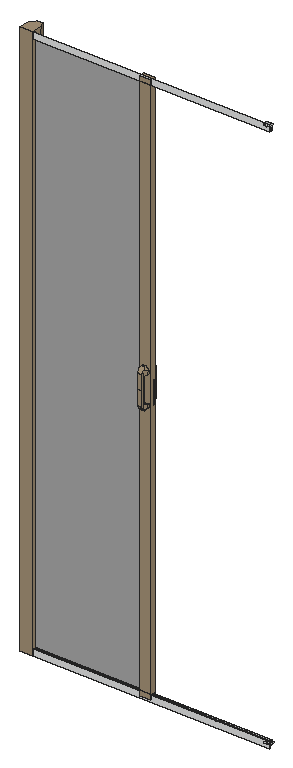
Revit family "Screen_Door_LegacySeries_PhantomScreen", category Doors, host Wall, Revit 2014
Parameters (values of type "Type as Specified")
  URL = "http://www.phantomscreens.com/"
  Track Height = 0' - 0.931"
  Track Depth = 0' - 0.511"
  Specification = "http://www.phantomscreens.com/architects-designers/specifications-binder/"
  Slide Bar Width = 0' - 1.732"
  Slide Bar Depth = 0' - 0.866"
  Slide Bar = Dark Knotty Pine
  Sill Height = 0' - 1"
  Sill Depth = 0' - 1.54384"
  Sill [instance] = no
  Screen Thickness = 0' - 0 1/32"
  Screen = Phifer 20/20 Insect Mesh – Gray
  Sales Information = "http://www.phantomscreens.com/support/"
  Revision = "R1_08-2016"
  Product Properties = "http://www.phantomscreens.com/drive/uploads/2015/03/Legacy-Door-Design-Spec-Assembled-View.pdf"
  Product Data = "http://www.arcat.com/arcatcos/cos9540/arc40535.html"
  Percent Open [instance] = 50
  Model = "Legacy Series"
  Manufacturer Website = "http://www.phantomscreens.com/"
  Manufacturer Phone - Toll Free = ""
  Manufacturer Phone = "604-855-3654"
  Manufacturer Fax = "604-855-7834"
  Manufacturer Address = "30451 Simpson Rd.; Abbotsford; BC; Canada V2T 6C7"
  Manufacturer = "Phantom Screens"
  Keynote = "08 11 00"
  Installation-Fabrication = "http://www.phantomscreens.com/architects-designers/options/"
  Housing Width = 0' - 1 7/8"
  Housing Depth = 0' - 2 49/64"
  Handle Width = 0' - 1.266"
  Handle Height = 0' - 6.031"
  Handle Depth = 0' - 0 109/128"
  Function = Interior
  Height [instance] = 7' - 0"
  Wall Closure = By host
  Width [instance] = 3' - 0"
  Drawn By = "Sumex Design - Robert S Weygant"
  Door Opening [instance] = Width * (Percent Open / 100)  # 1' - 6"
  Description = "Phantom Screens Legacy Series Screen"
  Copyright = "� 2016 ARCAT Inc."
  Construction Details = "http://www.arcat.com/details/phantoms/95prod3445.html"
  Assembly Code = "B2020400"
  Aluminum Track = Aluminum - Flat
  Aluminum Housing = Dark Knotty Pine
Reference planes (in)
  plane 1 "Center (Front/Back)": y = 0
  plane 2 "Center (Left/Right)": x = -7.25
  plane 3 "Top": z = 84
  plane 4 "Exterior": y = 2.96884
  plane 5 "Interior": y = -3.03116
  plane 6: x = -27.125
  plane 7: z = 84.931
  plane 8: z = 0.931
  plane 9: y = 3.47984
  plane 10: y = 3.83484
  plane 11: y = 3.44859
  plane 12: x = -8.982
  plane 13 "Track Bar": x = -7.25
  plane 14: x = -25.25
  plane 15: y = 3.41734
  plane 16: y = 4.71756
  plane 17: x = 10.75
  plane 18: z = 1
  plane 19: y = 3.29405
  plane 20: y = 1.425
  plane 21: z = 42.5
  plane 22: z = 45.5155
  plane 23: z = 39.4845
  plane 24 "Handle Placement": x = -8.24596
  plane 25: x = 9.96875
  plane 26: y = 3.55502
  plane 27: y = 2.96884
  plane 28: y = 3.375
  plane 29: y = 5.48446
Forms (in)
  Extrusion 1, solid, material "Dark Knotty Pine" <- "Aluminum Housing"
    sketch origin (0, 0, 0) x (1, 0, 0) y (0, 1, 0)
      loop
        line (-27.125, 2.96884) -> (-25.25, 2.96884) -> (-25.25, 4.6231) -> (-25.74731, 5.48446) -> (-26.1875, 5.48446) -> (-26.66701, 5.48446) -> (-27.125, 4.6231) -> (-27.125, 2.96884)
    from 0 to 84.931
  Extrusion 2, solid, material "Dark Knotty Pine" <- "Slide Bar"
    sketch origin (0, 0, 0) x (1, 0, 0) y (0, 1, 0)
      loop
        line (-8.982, 3.83484) -> (-8.982, 2.96884) -> (-7.25, 2.96884) -> (-7.25, 3.64791) -> (-7.47277, 3.83484) -> (-8.982, 3.83484)
    from 1 to 84
  Extrusion 3, solid, material "Phifer 20/20 Insect Mesh – Gray" <- "Screen"
    sketch origin (0, 0, 0) x (1, 0, 0) y (0, 1, 0)
      loop
        line (-25.25, 3.44859) -> (-25.25, 3.41734) -> (-8.982, 3.41734) -> (-8.982, 3.44859) -> (-25.25, 3.44859)
    from 0.931 to 84
  Extrusion 4, solid, material "Aluminum - Flat" <- "Aluminum Track", visible <- "Sill"
    sketch origin (-7.25, 0, 0) x (0, 1, 0) y (0, 0, 1)
      loop
        line (1.44844, 1) -> (1.44844, 0.931) -> (2.91584, 0.86535) -> (2.91584, 0) -> (3.44078, 0) -> (3.44078, 0.08471) -> (2.99228, 0.08471) -> (2.99228, 0.931) -> (1.44844, 1)
    from -18 to 18
  Extrusion 5, solid, material "Aluminum - Flat"
    sketch origin (-7.25, 0, 0) x (0, 1, 0) y (0, 0, 1)
      loop
        line (3.47984, 84) -> (3.47984, 84.6095) -> (3.09384, 84.6095) -> (3.09384, 84.931) -> (2.96884, 84.931) -> (2.96884, 84) -> (3.09384, 84) -> (3.09384, 84.488) -> (3.35484, 84.488) -> (3.35484, 84) -> (3.47984, 84)
    from -18 to 18
  Extrusion 6, solid, material "Aluminum - Flat"
    sketch origin (-7.25, 0, 0) x (0, 1, 0) y (0, 0, 1)
      loop
        line (3.47984, 0.931) -> (3.35484, 0.931) -> (3.35484, 0.4365) -> (3.09384, 0.4365) -> (3.09384, 0.931) -> (2.96884, 0.931) -> (2.96884, 0) -> (3.09384, 0) -> (3.09384, 0.315) -> (3.47984, 0.315) -> (3.47984, 0.931)
    from -18 to 18
Text (in)
  text "Exterior" at (-62.02911, 27.31104, 0), in view "Ref. Level"
  text "Interior" at (-62.02911, -25.14366, 0), in view "Ref. Level"
  text "Exterior" at (0, 40.15149, 123.01588), in view "Right"
  text "Interior" at (0, -64.39139, 123.01588), in view "Right"
  text "Interior" at (0, -31.01599, 123.00693), in view "Left"
  text "Exterior" at (0, 54.57065, 123.00693), in view "Left"
Dimensions and locks (in)
  "Height": level to plane 3 "Top"
  "Track Height": plane 3 "Top" to plane 7
  "Track Height": level to plane 8
  "Track Depth": plane 9 to plane 4 "Exterior"
  "Slide Bar Depth": plane 10 to plane 4 "Exterior"
  "Screen Thickness": plane 9 to plane 11
  "Slide Bar Width": plane 12 to plane 13 "Track Bar"
  equal spacing: plane 14, plane 2 "Center (Left/Right)", plane 17
  "Screen Thickness": plane 15 to plane 11
  "Width": plane 14 to plane 17
  "Housing Width": plane 6 to plane 14
  "Door Opening": plane 13 "Track Bar" to plane 17
  "Sill Height": level to plane 18
  "Sill Depth": plane 4 "Exterior" to plane 20
  equal spacing: plane 22, plane 21, plane 23
  "Handle Height": plane 23 to plane 22
  locked: plane 13 "Track Bar" to plane 24 "Handle Placement" at 0.99596
  locked: plane 26 to plane 19 at 0.26097
  locked: plane 29 to host wall at 5.51563
  aligned and locked: plane 4 "Exterior" to host wall
  aligned and locked: plane 5 "Interior" to host wall
  aligned and locked: plane 6 to Extrusion 1 sketch curve
  aligned and locked: Extrusion 1 to level
  aligned and locked: Extrusion 1 to plane 7
  aligned and locked: plane 7 to Extrusion 1
  aligned and locked: plane 10 to Extrusion 2 sketch curve
  aligned and locked: plane 12 to Extrusion 2 sketch curve
  aligned and locked: Extrusion 2 sketch curve to plane 4 "Exterior"
  aligned and locked: Extrusion 2 sketch curve to plane 13 "Track Bar"
  aligned and locked: Extrusion 2 to plane 3 "Top"
  aligned and locked: plane 11 to Extrusion 3 sketch curve
  aligned and locked: Extrusion 3 sketch curve to plane 14
  aligned and locked: plane 15 to Extrusion 3 sketch curve
  aligned and locked: Extrusion 3 sketch curve to plane 12
  aligned and locked: Extrusion 3 to plane 3 "Top"
  aligned and locked: Extrusion 1 sketch curve to plane 4 "Exterior"
  aligned and locked: plane 18 to Extrusion 2
  aligned and locked: plane 24 "Handle Placement" to nested 1
  aligned and locked: Extrusion 2 to plane 10
  aligned and locked: nested 2 to plane 24 "Handle Placement"
  aligned and locked: nested 2 to Extrusion 2
  aligned and locked: nested 1 to plane 22
  aligned and locked: nested 2 to plane 23
  aligned and locked: plane 10 to nested 1
  aligned and locked: plane 3 "Top" to Extrusion 5 sketch curve
  aligned and locked: Extrusion 5 sketch curve to plane 7
  aligned and locked: plane 8 to Extrusion 6 sketch curve  (x2)
  aligned and locked: Extrusion 6 sketch curve to Extrusion 1
  aligned and locked: Extrusion 6 to plane 17
  aligned and locked: Extrusion 5 to plane 17
  aligned and locked: plane 14 to Extrusion 5
  aligned and locked: plane 14 to Extrusion 6
  aligned and locked: Extrusion 4 to plane 17
  aligned and locked: plane 14 to Extrusion 4
  aligned and locked: plane 27 to host wall
  aligned and locked: plane 4 "Exterior" to nested 4
  aligned and locked: nested 4 to Extrusion 6
  aligned and locked: nested 5 to plane 12
  aligned and locked: nested 5 to plane 13 "Track Bar"
  aligned and locked: plane 3 "Top" to nested 5
  aligned and locked: Extrusion 2 to plane 12
  aligned and locked: plane 13 "Track Bar" to Extrusion 2
  aligned and locked: nested 6 to Extrusion 2
  aligned and locked: nested 6 to plane 12
  aligned and locked: nested 6 to plane 10
  aligned and locked: plane 4 "Exterior" to nested 6
  aligned and locked: nested 5 to plane 10
  aligned and locked: plane 4 "Exterior" to nested 5
  aligned and locked: plane 4 "Exterior" to nested 3
  aligned and locked: plane 29 to Extrusion 1  (x2)
Automatic sketch dimensions
  Extrusion 2 sketch curve to plane 9 = 0' - 0.16807"
  Extrusion 2 sketch curve to Extrusion 2 sketch curve = 0' - 0.22277"
  plane 8 to Extrusion 4 sketch curve = 0' - 0"  (x2)
  plane 18 to Extrusion 4 sketch curve = 0' - 0"
  Extrusion 4 sketch curve to level = 0' - 0"
  plane 20 to Extrusion 4 sketch curve = 0' - 0 3/128"
  Extrusion 4 sketch curve to host wall = 0' - 0.053"
  host wall to Extrusion 4 sketch curve = 0' - 0 3/128"
  plane 11 to Extrusion 4 sketch curve = 0' - 0 1/128"
  level to Extrusion 4 sketch curve = 0' - 0.08471"
  plane 8 to Extrusion 4 sketch curve = 0' - 0.06565"
  Extrusion 5 sketch curve to Extrusion 5 sketch curve = 0' - 0 1/8"
  Extrusion 5 sketch curve to Extrusion 5 sketch curve = 0' - 0.1215"
  Extrusion 5 sketch curve to Extrusion 5 sketch curve = 0' - 0.3215"
  Extrusion 5 sketch curve to plane 9 = 0' - 0"
  Extrusion 5 sketch curve to plane 15 = 0' - 0 1/16"
  Extrusion 5 sketch curve to host wall = 0' - 0"
  Extrusion 5 sketch curve to Extrusion 5 sketch curve = 0' - 0"
  Extrusion 6 sketch curve to host wall = 0' - 0"
  Extrusion 6 sketch curve to plane 9 = 0' - 0"
  host wall to Extrusion 6 sketch curve = 0' - 0 1/8"
  Extrusion 6 sketch curve to Extrusion 6 sketch curve = 0' - 0"
  Extrusion 6 sketch curve to plane 15 = 0' - 0 1/16"
  level to Extrusion 6 sketch curve = 0' - 0.315"
  Extrusion 6 sketch curve to Extrusion 6 sketch curve = 0' - 0.1215"
  plane 3 "Top" to Extrusion 5 sketch curve = 0' - 0"
  Extrusion 1 sketch curve to plane 14 = 0' - 0"
  plane 6 to Extrusion 1 sketch curve = 0' - 0 15/16"
  plane 16 to Extrusion 1 sketch curve = 0' - 0.09446"  (x2)
  plane 6 to Extrusion 1 sketch curve = 0' - 0.45799"
  Extrusion 1 sketch curve to Extrusion 1 sketch curve = 0' - 0.44019"
  Extrusion 1 sketch curve to plane 29 = 0' - 0"
Nested families (in)
  nested 1: "Family4" at (-8.24596, 4.26062, 42.5) x (-1, 0, 0) z (0, 0, 1), type "Family4"
    with Width 0' - 1.266", Height 0' - 6.031", Depth 0' - 0 109/128"
  nested 2: "Family4" at (-8.24596, 2.54306, 42.5), type "Family4"
    with Width 0' - 1.266", Height 0' - 6.031", Depth 0' - 0 109/128"
  nested 3: "Track Latch Family" at (10.35937, 3.34384, 84.55481) x (-1, 0, 0) z (0, 0, 1), type "Track Latch Family"
  nested 4: "Lower Track Latch" at (10.35937, 3.33538, 0.4365) x (-1, 0, 0) z (0, 0, 1), type "Lower Track Latch"
  nested 5: "End Caps" at (-8.21484, 3.14023, 84), type "End Caps"
  nested 6: "End Caps" at (-8.21484, 3.14023, 0.25), type "End Caps"
Definition of nested family "Family4"
  Parameters (values of type "Family4")
    Width = 0' - 1 1/2"
    Height = 0' - 6 1/32"
    Handle = none
    Depth = 0' - 1"
  Reference planes (in)
    plane 1 "Center (Front/Back)": y = 0
    plane 2: z = 0
    plane 3 "Center (Left/Right)": x = 0
    plane 4: y = 0.5
    plane 5: x = 0.75
    plane 6: y = -0.5
    plane 7: x = -0.75
    plane 8: z = 3.01562
    plane 9: z = -3.01563
  Forms (in)
    Extrusion 1, solid, material <- "Handle"
      sketch origin (0, 0, 0) x (0, 1, 0) y (0, 0, 1)
        loop
          line (0.5, 3.01562) -> (0.25, 3.01562) -> (-0.5, 2.26562) -> (-0.5, 0) -> (-0.5, -2.26563) -> (0.25, -3.01563) -> (0.5, -3.01563) -> (0.5, -2.01563) -> (0, -2.01563) -> (-0.17678, -1.83885) -> (-0.17678, 0) -> (-0.17678, 1.83885) -> (0, 2.01562) -> (0.5, 2.01562) -> (0.5, 3.01562)
      from -0.75 to 0.75
    Extrusion 2, void
      sketch origin (0, 0, 0) x (1, 0, 0) y (0, 1, 0)
        loop
          line (-0.75, 0.25) -> (-0.75, -0.5) -> (-0.32322, -0.5) -> (-0.32322, -0.25861) -> (-0.75, 0.25)
        loop
          line (0.32322, -0.25861) -> (0.32322, -0.5) -> (0.75, -0.5) -> (0.75, 0.25) -> (0.32322, -0.25861)
      from -3.01562 to 3.01562
    Extrusion 3, void
      sketch origin (0, 0, 0) x (1, 0, 0) y (0, 0, 1)
        loop
          line (-0.75, 2.51562) -> (-0.25, 3.01562) -> (-0.75, 3.01562) -> (-0.75, 2.51562)
        loop
          line (0.75, 2.51563) -> (0.75, 3.01563) -> (0.25, 3.01563) -> (0.75, 2.51563)
        loop
          line (-0.75, -2.51563) -> (-0.75, -3.01563) -> (-0.25, -3.01563) -> (-0.75, -2.51563)
        loop
          line (0.75, -2.51563) -> (0.25, -3.01563) -> (0.75, -3.01563) -> (0.75, -2.51563)
      from -0.5 to 0.5
  Cuts and joins
    Extrusion 2, Extrusion 3 cuts Extrusion 1
  Dimensions and locks (in)
    equal spacing: plane 7, plane 3 "Center (Left/Right)", plane 5
    equal spacing: plane 6, plane 1 "Center (Front/Back)", plane 4
    "Depth": plane 6 to plane 4
    "Width": plane 7 to plane 5
    equal spacing: plane 8, level, plane 9
    "Height": plane 8 to plane 9
    plane 1 "Center (Front/Back)" to Extrusion 1 = 0' - 0 1/2"
    aligned and locked: plane 2 to level
    aligned and locked: plane 7 to Extrusion 1
    aligned and locked: plane 5 to Extrusion 1
    aligned and locked: Extrusion 2 sketch curve to plane 6
    aligned and locked: plane 6 to Extrusion 2 sketch curve
    aligned and locked: plane 5 to Extrusion 2 sketch curve
    aligned and locked: Extrusion 2 sketch curve to plane 7
    aligned and locked: Extrusion 2 to plane 9
    aligned and locked: plane 8 to Extrusion 2
    aligned and locked: plane 4 to Extrusion 3
    aligned and locked: plane 6 to Extrusion 3
  Automatic sketch dimensions
    Extrusion 1 sketch curve to level = 0' - 0"  (x2)
    Extrusion 1 sketch curve to plane 1 "Center (Front/Back)" = 0' - 0"  (x2)
    Extrusion 1 sketch curve to plane 8 = 0' - 0"
    Extrusion 1 sketch curve to plane 4 = 0' - 0"  (x2)
    plane 1 "Center (Front/Back)" to Extrusion 1 sketch curve = 0' - 0.17678"
    Extrusion 1 sketch curve to Extrusion 1 sketch curve = 0' - 0 1/4"
    Extrusion 1 sketch curve to Extrusion 1 sketch curve = 0' - 1"
    Extrusion 1 sketch curve to Extrusion 1 sketch curve = 0' - 0.17678"  (x2)
    Extrusion 1 sketch curve to plane 8 = 0' - 1.17678"
    Extrusion 1 sketch curve to Extrusion 1 sketch curve = 0' - 0.42678"
    Extrusion 1 sketch curve to plane 9 = 0' - 0"
    Extrusion 1 sketch curve to plane 1 "Center (Front/Back)" = 0' - 0 1/4"
    plane 9 to Extrusion 1 sketch curve = 0' - 0 3/4"
    Extrusion 1 sketch curve to plane 6 = 0' - 0"
    Extrusion 2 sketch curve to plane 3 "Center (Left/Right)" = 0' - 0.32322"
    plane 3 "Center (Left/Right)" to Extrusion 2 sketch curve = 0' - 0.32322"
    plane 1 "Center (Front/Back)" to Extrusion 2 sketch curve = 0' - 0.25861"
    Extrusion 2 sketch curve to plane 1 "Center (Front/Back)" = 0' - 0 1/4"  (x2)
    Extrusion 2 sketch curve to Extrusion 2 sketch curve = 0' - 0.24139"
    plane 7 to Extrusion 3 sketch curve = 0' - 0"  (x2)
    Extrusion 3 sketch curve to plane 8 = 0' - 0"  (x2)
    Extrusion 3 sketch curve to plane 9 = 0' - 0"  (x2)
    Extrusion 3 sketch curve to plane 5 = 0' - 0"  (x2)
    Extrusion 3 sketch curve to plane 3 "Center (Left/Right)" = 0' - 0 1/4"  (x2)
    plane 3 "Center (Left/Right)" to Extrusion 3 sketch curve = 0' - 0 1/4"  (x2)
    plane 9 to Extrusion 3 sketch curve = 0' - 0 1/2"
    Extrusion 3 sketch curve to Extrusion 3 sketch curve = 0' - 0 1/2"
    Extrusion 3 sketch curve to plane 8 = 0' - 0 1/2"  (x2)
Definition of nested family "Track Latch Family"
  Parameters (values of type "Track Latch Family")
    Width = 0' - 0 25/32"
    Upper Latch = none
  Reference planes (in)
    plane 1 "Center (Front/Back)": y = 0
    plane 2: z = 0
    plane 3 "Center (Left/Right)": x = 0
    plane 4: z = 0.34375
    plane 5: x = 0.39063
    plane 6: x = -0.39062
    plane 7: y = 0.375
    plane 8: y = -0.375
  Forms (in)
    Extrusion 1, solid, material <- "Upper Latch"
      sketch origin (0, 0, 0.05469) x (1, 0, 0) y (0, 0, 1)
        loop
          line (-0.39062, 0.28906) -> (-0.39062, 0) -> (0.01899, 0) -> (0.01899, -0.0619) -> (0.39063, 0) -> (0.39063, 0.28906) -> (-0.39062, 0.28906)
      from -0.375 to 0.375
    Extrusion 2, void
      sketch origin (0, 0, 0) x (0, 1, 0) y (0, 0, 1)
        loop
          arc (-0.375, 0.09707) -> (-0.2114, 0.25673) -> (0, 0.34375) r 0.60095
          line (0, 0.34375) -> (-0.375, 0.34375) -> (-0.375, 0.09707)
      from -0.39062 to 0.39062
    Extrusion 3, void
      sketch origin (0, 0, 0) x (1, 0, 0) y (0, 0, 1)
        loop
          line (-0.32812, 0.34375) -> (-0.32812, 0.13527) -> (-0.07812, 0.13527) -> (-0.07812, 0.34375) -> (-0.32812, 0.34375)
        loop
          line (0.0373, 0.34375) -> (0.0373, 0.13527) -> (0.28915, 0.13527) -> (0.28915, 0.34375) -> (0.0373, 0.34375)
      from -0.28879 to 0.375
  Cuts and joins
    Extrusion 2, Extrusion 3 cuts Extrusion 1
  Dimensions and locks (in)
    equal spacing: plane 5, plane 3 "Center (Left/Right)", plane 6
    "Width": plane 5 to plane 6
    equal spacing: plane 7, plane 1 "Center (Front/Back)", plane 8
    plane 7 to plane 8 = 0' - 0 3/4"
    aligned and locked: plane 2 to level
    aligned and locked: plane 7 to Extrusion 1
    aligned and locked: Extrusion 1 to plane 8
    aligned and locked: Extrusion 2 to plane 6
    aligned and locked: plane 5 to Extrusion 2
    aligned and locked: Extrusion 1 to Extrusion 3
  Automatic sketch dimensions
    Extrusion 1 sketch curve to plane 6 = 0' - 0"
    level to Extrusion 1 sketch curve = 0' - 0 7/128"  (x2)
    Extrusion 1 sketch curve to plane 5 = 0' - 0"
    plane 3 "Center (Left/Right)" to Extrusion 1 sketch curve = 0' - 0.01899"
    plane 4 to Extrusion 1 sketch curve = 0' - 0"
    Extrusion 1 sketch curve to level = 0' - 0.00721"
    Extrusion 2 sketch curve to plane 8 = 0' - 0"
    Extrusion 2 sketch curve to plane 1 "Center (Front/Back)" = 0' - 0"
    Extrusion 2 sketch curve to plane 4 = 0' - 0"
    Extrusion 2 sketch curve to plane 1 "Center (Front/Back)" = 0' - 0.11887"
    level to Extrusion 2 sketch curve = 0' - 0.09707"
    Extrusion 3 sketch curve to plane 4 = 0' - 0"  (x2)
    plane 6 to Extrusion 3 sketch curve = 0' - 0 1/16"
    Extrusion 3 sketch curve to plane 3 "Center (Left/Right)" = 0' - 0 5/64"
    plane 3 "Center (Left/Right)" to Extrusion 3 sketch curve = 0' - 0.0373"
    Extrusion 3 sketch curve to plane 5 = 0' - 0.10148"
    level to Extrusion 3 sketch curve = 0' - 0.13527"
    Extrusion 3 sketch curve to Extrusion 3 sketch curve = 0' - 0"
Definition of nested family "Lower Track Latch"
  Parameters (values of type "Lower Track Latch")
    Lower Latch = none
  Reference planes (in)
    plane 1 "Center (Front/Back)": y = 0
    plane 2: z = 0
    plane 3 "Center (Left/Right)": x = 0
    plane 4: z = 0.31094
    plane 5: x = -0.42075
    plane 6: x = 0.43863
    plane 7: y = -0.36654
    plane 8: y = 0.36654
  Forms (in)
    Extrusion 1, solid, material <- "Lower Latch"
      sketch origin (0, 0, 0) x (1, 0, 0) y (0, 0, 1)
        loop
          line (-0.42075, 0) -> (0.43863, 0) -> (0.43863, 0.12882) -> (0, 0.31094) -> (0, 0.12882) -> (-0.42075, 0.12882) -> (-0.42075, 0)
      from -0.36654 to 0.36654
  Dimensions and locks (in)
    plane 6 to plane 5 = 0' - 0 55/64"
    plane 6 to plane 3 "Center (Left/Right)" to plane 5 = 0' - 0.43863", 0' - 0.42075"
    plane 8 to plane 7 = 0' - 0.73308"
    equal spacing: plane 8, plane 1 "Center (Front/Back)", plane 7
    aligned and locked: plane 2 to level
    aligned and locked: Extrusion 1 to plane 3 "Center (Left/Right)"
    aligned and locked: Extrusion 1 to plane 5
    aligned and locked: plane 6 to Extrusion 1
    aligned and locked: Extrusion 1 to level
    aligned and locked: Extrusion 1 to plane 8
    aligned and locked: plane 7 to Extrusion 1
  Automatic sketch dimensions
    Extrusion 1 sketch curve to plane 5 = 0' - 0"
    Extrusion 1 sketch curve to plane 3 "Center (Left/Right)" = 0' - 0"
    Extrusion 1 sketch curve to plane 6 = 0' - 0"
    Extrusion 1 sketch curve to level = 0' - 0"
    Extrusion 1 sketch curve to plane 4 = 0' - 0"
    level to Extrusion 1 sketch curve = 0' - 0.12882"  (x2)
Definition of nested family "End Caps"
  Parameters (values of type "End Caps")
    End Caps = none
  Reference planes (in)
    plane 1 "Center (Front/Back)": y = 0
    plane 2: z = 0
    plane 3 "Center (Left/Right)": x = 0
    plane 4: y = 0.6946
    plane 5: x = 0.96484
    plane 6: y = -0.1714
    plane 7: x = -0.76716
    plane 8: z = 0.75
  Forms (in)
    Extrusion 1, solid, material <- "End Caps"
      sketch origin (0, 0, 0) x (1, 0, 0) y (0, 1, 0)
        loop
          line (-0.76716, 0.6946) -> (-0.76716, -0.1714) -> (0.96484, -0.1714) -> (0.96484, 0.47651) -> (0.70493, 0.6946) -> (-0.76716, 0.6946)
      from 0 to 0.75
  Lines and regions (in)
    model lines
      curve 1: line (-0.76716, 0.6946, 0) -> (0.70493, 0.6946, 0)
      curve 2: line (-0.76716, -0.1714, 0) -> (-0.76716, 0.6946, 0)
      curve 3: line (0.96484, -0.1714, 0) -> (-0.76716, -0.1714, 0)
      curve 4: line (0.96484, 0.47651, 0) -> (0.96484, -0.1714, 0)
      curve 5: line (0.96484, 0.47651, 0) -> (0.70493, 0.6946, 0)
  Dimensions and locks (in)
    aligned and locked: plane 2 to level
    aligned and locked: plane 8 to Extrusion 1
